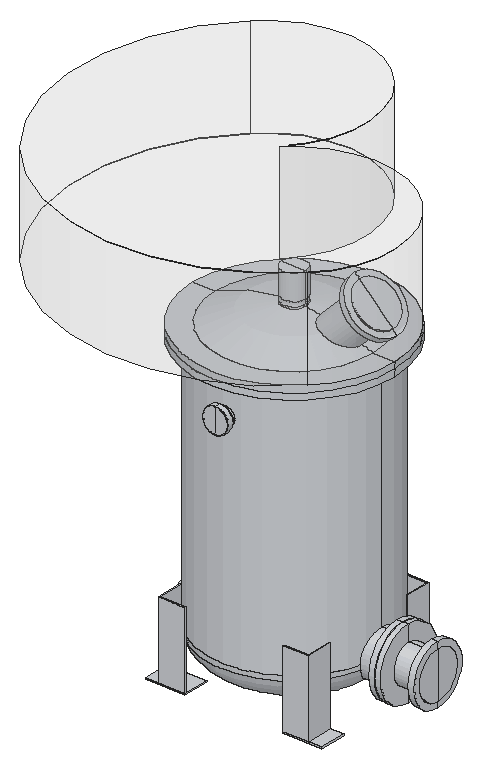
Revit family "Aquarevival_BSG40T", category Mechanical Equipment, Revit 2018
Family settings
  Round Connector Dimension = Use Diameter
  Part Type = Normal
  OmniClass Number = 23.75.00.00
  OmniClass Title = Climate Control (HVAC)
  Work Plane-Based = No
  Always vertical = Yes
  Cut with Voids When Loaded = No
  Shared = No
  Room Calculation Point = No
Parameters
  Panel Location (0-4) [instance] = 0
  Panel 4 [instance] = [Panel Location (0-4)] = 4  # no
  Panel 3 [instance] = [Panel Location (0-4)] = 3  # no
  Panel 2 [instance] = [Panel Location (0-4)] = 2  # no
  Panel 1 [instance] = not(or([Panel Location (0-4)] = 2, [Panel Location (0-4)] = 3, [Panel Location (0-4)] = 4, [Panel Location (0-4)] = 0))  # no
  Outlet = 0' - 8"
  Model = "BSG40T"
  Manufacturer = "Aqua Revival LLC"
  Keynote = ""
  Inlet = 0' - 8"
  Filter Discharge Rotation [instance] = 0.00°
  Filter Clearance Rotation [instance] = 0.00°
  Drain = 0' - 6"
  Description = "Regenerative Media Filter"
Reference planes (in)
  plane 1 "Center (Front/Back)": y = 0
  plane 2: z = 0
  plane 3 "Center (Left/Right)": x = 0
  plane 4: x = -10
  plane 5: x = -20.04939
  plane 6: y = -17.04402
Forms (in)
  Revolve 1, solid
    sketch origin (-9.98793, 0, 1.53002) x (1, 0, 0) y (0, 0, 1)
      loop
        line (-14.12767, 5.39286) -> (2.50798, 5.39286) -> (2.50798, 8.70536) -> (-13.12766, 8.70536) -> (-13.12766, 10.89286) -> (-14.12767, 10.89286) -> (-14.12767, 5.39286)
      axis (-14.12767, 5.39286) -> (2.50798, 5.39286)
    angle from 0 to 360
  Extrusion 2, solid
    sketch origin (-9.98793, 0, 1.53002) x (0, 1, 0) y (0, 0, 1)
      loop
        circle (0, 5.39286) r 3.25
    from -14.26766 to -14.12767
  Revolve 3, solid
    sketch origin (0, -62.99083, 16.41379) x (0, 1, 0) y (0, 0, 1)
      loop
        line (40.62187, 45.49946) -> (44.12187, 45.49946) -> (44.12187, 47.76786) -> (42.49057, 47.76786) -> (42.39687, 47.86156) -> (42.39687, 48.01786) -> (41.87187, 48.01786) -> (41.87187, 48.41208) -> (40.71557, 48.41208) -> (40.62187, 48.31823) -> (40.62187, 45.49946)
      axis (40.62187, 45.49946) -> (44.12187, 45.49946)
    angle from 0 to 360
  Extrusion 4, solid
    sketch origin (0, 0, 0) x (1, 0, 0) y (0, 1, 0)
      loop
        line (-20.04939, -17.04402) -> (-11.04939, -17.04402) -> (-11.04939, -11.04402) -> (-20.04939, -11.04402) -> (-20.04939, -17.04402)
      loop
        line (20.04939, -17.04402) -> (20.04939, -11.04402) -> (11.04939, -11.04402) -> (11.04939, -17.04402) -> (20.04939, -17.04402)
      loop
        line (-20.04939, 17.04402) -> (-20.04939, 11.04402) -> (-11.04939, 11.04402) -> (-11.04939, 17.04402) -> (-20.04939, 17.04402)
      loop
        line (20.04939, 17.04402) -> (11.04939, 17.04402) -> (11.04939, 11.04402) -> (20.04939, 11.04402) -> (20.04939, 17.04402)
    from 0 to 0.25
  Extrusion 5, solid
    sketch origin (0, 0, 0) x (1, 0, 0) y (0, 1, 0)
      loop
        line (-11.04939, -17.04402) -> (-11.04939, -16.79402) -> (-16.79939, -16.79402) -> (-16.79939, -11.04402) -> (-17.04939, -11.04402) -> (-17.04939, -17.04402) -> (-11.04939, -17.04402)
      loop
        line (11.04939, -17.04402) -> (17.04939, -17.04402) -> (17.04939, -11.04402) -> (16.79939, -11.04402) -> (16.79939, -16.79402) -> (11.04939, -16.79402) -> (11.04939, -17.04402)
      loop
        line (-11.04939, 17.04402) -> (-17.04939, 17.04402) -> (-17.04939, 11.04402) -> (-16.79939, 11.04402) -> (-16.79939, 16.79402) -> (-11.04939, 16.79402) -> (-11.04939, 17.04402)
      loop
        line (11.04939, 17.04402) -> (11.04939, 16.79402) -> (16.79939, 16.79402) -> (16.79939, 11.04402) -> (17.04939, 11.04402) -> (17.04939, 17.04402) -> (11.04939, 17.04402)
    from 0.25 to 17.75
  Extrusion 6, solid, visible <- "Panel 1"
    sketch origin (-2.52168, -7.33787, 14.94343) x (1, 0, 0) y (0, 1, 0)
      loop
        line (-26.32299, -12.86214) -> (-26.32299, -13.11014) -> (-27.35099, -13.11014) -> (-27.35099, -13.77514)
        arc (-27.35099, -13.77514) -> (-27.30413, -13.88828) -> (-27.19099, -13.93514) r 0.16
        line (-27.19099, -13.93514) -> (-11.87099, -13.93514)
        arc (-11.87099, -13.93514) -> (-11.76846, -13.89267) -> (-11.72599, -13.79014) r 0.145
        line (-11.72599, -13.79014) -> (-11.72599, -13.11014) -> (-12.65099, -13.11014) -> (-12.65099, -12.86215) -> (-11.62098, -12.86215)
        arc (-11.62098, -12.86215) -> (-11.51852, -12.81975) -> (-11.47597, -12.71735) r 0.14501
        line (-11.47597, -12.71735) -> (-11.47597, -7.00721)
        arc (-11.47597, -7.00721) -> (-11.51845, -6.90466) -> (-11.62101, -6.86218) r 0.14504
        line (-11.62101, -6.86218) -> (-27.331, -6.86218)
        arc (-27.331, -6.86218) -> (-27.43352, -6.90464) -> (-27.47598, -7.00716) r 0.14498
        line (-27.47598, -7.00716) -> (-27.47598, -12.71714)
        arc (-27.47598, -12.71714) -> (-27.43351, -12.81967) -> (-27.33099, -12.86214) r 0.145
        line (-27.33099, -12.86214) -> (-26.32299, -12.86214)
    from 35.1762 to 51.1012
  Extrusion 7, solid, visible <- "Panel 1"
    sketch origin (-2.52169, -7.33785, 14.94343) x (1, 0, 0) y (0, 1, 0)
      loop
        line (-27.47599, -6.86218) -> (-11.39599, -6.86218)
        arc (-11.39599, -6.86218) -> (-13.7725, -4.05696) -> (-15.59191, -0.86215) r 19.88322
        line (-15.59191, -0.86215) -> (-27.47599, -0.86215) -> (-27.47599, -6.86218)
    from 50.9012 to 51.1012
  Extrusion 8, solid, visible <- "Panel 1"
    sketch origin (-2.52169, -7.33785, 14.94343) x (0, 1, 0) y (0, 0, 1)
      loop
        line (-6.86218, 50.9012) -> (-6.86218, 49.53074) -> (-6.61218, 49.53074) -> (-6.61218, 50.9012) -> (-6.86218, 50.9012)
    from -27.47599 to -11.47597
  Extrusion 9, solid, visible <- "Panel 1"
    sketch origin (-2.52169, -7.33785, 101.22083) x (0, -1, 0) y (-1, 0, 0)
      loop
        line (6.86218, 11.39599) -> (6.86218, 27.47599) -> (0.86215, 27.47599) -> (0.86215, 15.59191)
        arc (0.86215, 15.59191) -> (4.05696, 13.7725) -> (6.86218, 11.39599) r 19.88322
    from 50.9012 to 51.1012
  Extrusion 10, solid, visible <- "Panel 1"
    sketch origin (-2.52169, -7.33785, 101.22083) x (0, 1, 0) y (0, 0, 1)
      loop
        line (-6.86218, -50.9012) -> (-6.61218, -50.9012) -> (-6.61218, -49.53074) -> (-6.86218, -49.53074) -> (-6.86218, -50.9012)
    from -27.47599 to -11.47597
  Revolve 11, solid, visible <- "Panel 1"
    sketch origin (-21.99766, -68.87887, 14.94343) x (0, -1, 0) y (0, 0, 1)
      loop
        line (-45.98085, 39.52627) -> (-45.98085, 40.27627)
        arc (-45.98085, 40.27627) -> (-46.1273, 40.62983) -> (-46.48085, 40.77627) r 0.5
        line (-46.48085, 40.77627) -> (-46.60585, 40.77627) -> (-46.60585, 40.02627) -> (-47.35585, 40.02627) -> (-47.35585, 40.10855) -> (-47.60585, 40.10855) -> (-47.60585, 39.52627) -> (-45.98085, 39.52627)
      axis (-47.60585, 39.52627) -> (-45.98085, 39.52627)
    angle from 0 to 360
  Revolve 12, solid
    sketch origin (5.82327, 0, 1.58801) x (1, 0, 0) y (0, 0, 1)
      loop
        line (17.62219, 15.70024) -> (5.18163, 15.70024) -> (5.18163, 10.32524) -> (26.96418, 10.32524) -> (26.96418, 15.63774) -> (26.81618, 15.63774) -> (26.81618, 17.07524) -> (25.44118, 17.07524) -> (25.44118, 14.63774) -> (20.19719, 14.63774) -> (20.19719, 18.32524) -> (18.97005, 18.32524) -> (18.97005, 18.19644) -> (18.84719, 18.19644) -> (18.84719, 18.32524) -> (17.62219, 18.32524) -> (17.62219, 15.70024)
      axis (5.18163, 10.32524) -> (26.96418, 10.32524)
    angle from 0 to 360
  Revolve 13, solid
    sketch origin (0, 0, 12) x (1, 0, 0) y (0, 0, 1)
      loop
        line (0, 71.63995) -> (-2.75, 71.63995) -> (-2.75, 65.8692)
        arc (-2.75, 65.8692) -> (-2.67781, 65.32786) -> (-2.75, 64.78652) r 2.06584
        line (-2.75, 64.78652) -> (-2.75, 64.45245) -> (-2.46875, 64.45245) -> (-2.46875, 64.37655)
        arc (-2.46875, 64.37655) -> (-10.42157, 63.07765) -> (-17.95538, 60.21825) r 40.1875
        line (-17.95538, 60.21825) -> (-23, 60.21825) -> (-23, 58.71825) -> (-22.75, 58.71825) -> (-22.75, 58.65575) -> (-23, 58.65575) -> (-23, 57.22) -> (-20, 57.22) -> (-20, -0.48126)
        arc (-20, -0.48126) -> (-19.97074, -1.11138) -> (-19.88322, -1.73608) r 6.8
        arc (-19.88322, -1.73608) -> (-18.57602, -4.44075) -> (-16.34755, -6.45518) r 7.83902
        arc (-16.34755, -6.45518) -> (-8.48367, -9.8857) -> (0, -11.16493) r 32.87889
        line (0, -11.16493) -> (0, 71.63995)
      axis (0, 71.63995) -> (0, -11.16493)
    angle from 0 to 360
  Extrusion 14, solid, visible <- "Panel 2"
    sketch origin (2.52168, -7.33787, 14.94343) x (-1, 0, 0) y (0, -1, 0)
      loop
        line (-26.32299, 12.86214) -> (-27.33099, 12.86214)
        arc (-27.33099, 12.86214) -> (-27.43351, 12.81967) -> (-27.47598, 12.71714) r 0.145
        line (-27.47598, 12.71714) -> (-27.47598, 7.00716)
        arc (-27.47598, 7.00716) -> (-27.43352, 6.90464) -> (-27.331, 6.86218) r 0.14498
        line (-27.331, 6.86218) -> (-11.62101, 6.86218)
        arc (-11.62101, 6.86218) -> (-11.51845, 6.90466) -> (-11.47597, 7.00721) r 0.14504
        line (-11.47597, 7.00721) -> (-11.47597, 12.71735)
        arc (-11.47597, 12.71735) -> (-11.51852, 12.81975) -> (-11.62098, 12.86215) r 0.14501
        line (-11.62098, 12.86215) -> (-12.65099, 12.86215) -> (-12.65099, 13.11014) -> (-11.72599, 13.11014) -> (-11.72599, 13.79014)
        arc (-11.72599, 13.79014) -> (-11.76846, 13.89267) -> (-11.87099, 13.93514) r 0.145
        line (-11.87099, 13.93514) -> (-27.19099, 13.93514)
        arc (-27.19099, 13.93514) -> (-27.30413, 13.88828) -> (-27.35099, 13.77514) r 0.16
        line (-27.35099, 13.77514) -> (-27.35099, 13.11014) -> (-26.32299, 13.11014) -> (-26.32299, 12.86214)
    from 35.1762 to 51.1012
  Extrusion 15, solid, visible <- "Panel 2"
    sketch origin (2.52169, -7.33785, 14.94343) x (-1, 0, 0) y (0, -1, 0)
      loop
        line (-27.47599, 6.86218) -> (-27.47599, 0.86215) -> (-15.59191, 0.86215)
        arc (-15.59191, 0.86215) -> (-13.7725, 4.05696) -> (-11.39599, 6.86218) r 19.88322
        line (-11.39599, 6.86218) -> (-27.47599, 6.86218)
    from 50.9012 to 51.1012
  Extrusion 16, solid, visible <- "Panel 2"
    sketch origin (2.52169, -7.33785, 14.94343) x (0, 1, 0) y (0, 0, -1)
      loop
        line (-6.86218, -50.9012) -> (-6.61218, -50.9012) -> (-6.61218, -49.53074) -> (-6.86218, -49.53074) -> (-6.86218, -50.9012)
    from -27.47599 to -11.47597
  Extrusion 17, solid, visible <- "Panel 2"
    sketch origin (2.52169, -7.33785, 101.22083) x (0, 1, 0) y (1, 0, 0)
      loop
        arc (-6.86218, 11.39599) -> (-4.05696, 13.7725) -> (-0.86215, 15.59191) r 19.88322
        line (-0.86215, 15.59191) -> (-0.86215, 27.47599) -> (-6.86218, 27.47599) -> (-6.86218, 11.39599)
    from 50.9012 to 51.1012
  Extrusion 18, solid, visible <- "Panel 2"
    sketch origin (2.52169, -7.33785, 101.22083) x (0, 1, 0) y (0, 0, -1)
      loop
        line (-6.86218, 50.9012) -> (-6.86218, 49.53074) -> (-6.61218, 49.53074) -> (-6.61218, 50.9012) -> (-6.86218, 50.9012)
    from -27.47599 to -11.47597
  Revolve 19, solid, visible <- "Panel 2"
    sketch origin (21.99766, -68.87887, 14.94343) x (0, -1, 0) y (0, 0, -1)
      loop
        line (-45.98085, -39.52627) -> (-47.60585, -39.52627) -> (-47.60585, -40.10855) -> (-47.35585, -40.10855) -> (-47.35585, -40.02627) -> (-46.60585, -40.02627) -> (-46.60585, -40.77627) -> (-46.48085, -40.77627)
        arc (-46.48085, -40.77627) -> (-46.1273, -40.62983) -> (-45.98085, -40.27627) r 0.5
        line (-45.98085, -40.27627) -> (-45.98085, -39.52627)
      axis (-47.60585, -39.52627) -> (-45.98085, -39.52627)
    angle from 0 to 360
  Extrusion 20, solid, visible <- "Panel 4"
    sketch origin (-2.52168, 7.33787, 14.94343) x (1, 0, 0) y (0, 1, 0)
      loop
        line (-26.32299, 12.86214) -> (-27.33099, 12.86214)
        arc (-27.33099, 12.86214) -> (-27.43351, 12.81967) -> (-27.47598, 12.71714) r 0.145
        line (-27.47598, 12.71714) -> (-27.47598, 7.00716)
        arc (-27.47598, 7.00716) -> (-27.43352, 6.90464) -> (-27.331, 6.86218) r 0.14498
        line (-27.331, 6.86218) -> (-11.62101, 6.86218)
        arc (-11.62101, 6.86218) -> (-11.51845, 6.90466) -> (-11.47597, 7.00721) r 0.14504
        line (-11.47597, 7.00721) -> (-11.47597, 12.71735)
        arc (-11.47597, 12.71735) -> (-11.51852, 12.81975) -> (-11.62098, 12.86215) r 0.14501
        line (-11.62098, 12.86215) -> (-12.65099, 12.86215) -> (-12.65099, 13.11014) -> (-11.72599, 13.11014) -> (-11.72599, 13.79014)
        arc (-11.72599, 13.79014) -> (-11.76846, 13.89267) -> (-11.87099, 13.93514) r 0.145
        line (-11.87099, 13.93514) -> (-27.19099, 13.93514)
        arc (-27.19099, 13.93514) -> (-27.30413, 13.88828) -> (-27.35099, 13.77514) r 0.16
        line (-27.35099, 13.77514) -> (-27.35099, 13.11014) -> (-26.32299, 13.11014) -> (-26.32299, 12.86214)
    from 35.1762 to 51.1012
  Extrusion 21, solid, visible <- "Panel 4"
    sketch origin (-2.52169, 7.33785, 14.94343) x (1, 0, 0) y (0, 1, 0)
      loop
        line (-27.47599, 6.86218) -> (-27.47599, 0.86215) -> (-15.59191, 0.86215)
        arc (-15.59191, 0.86215) -> (-13.7725, 4.05696) -> (-11.39599, 6.86218) r 19.88322
        line (-11.39599, 6.86218) -> (-27.47599, 6.86218)
    from 50.9012 to 51.1012
  Extrusion 22, solid, visible <- "Panel 4"
    sketch origin (-2.52169, 7.33785, 14.94343) x (0, -1, 0) y (0, 0, -1)
      loop
        line (-6.86218, -50.9012) -> (-6.61218, -50.9012) -> (-6.61218, -49.53074) -> (-6.86218, -49.53074) -> (-6.86218, -50.9012)
    from -27.47599 to -11.47597
  Extrusion 23, solid, visible <- "Panel 4"
    sketch origin (-2.52169, 7.33785, 101.22083) x (0, -1, 0) y (-1, 0, 0)
      loop
        arc (-6.86218, 11.39599) -> (-4.05696, 13.7725) -> (-0.86215, 15.59191) r 19.88322
        line (-0.86215, 15.59191) -> (-0.86215, 27.47599) -> (-6.86218, 27.47599) -> (-6.86218, 11.39599)
    from 50.9012 to 51.1012
  Extrusion 24, solid, visible <- "Panel 4"
    sketch origin (-2.52169, 7.33785, 101.22083) x (0, -1, 0) y (0, 0, -1)
      loop
        line (-6.86218, 50.9012) -> (-6.86218, 49.53074) -> (-6.61218, 49.53074) -> (-6.61218, 50.9012) -> (-6.86218, 50.9012)
    from -27.47599 to -11.47597
  Revolve 25, solid, visible <- "Panel 4"
    sketch origin (-21.99766, 68.87887, 14.94343) x (0, 1, 0) y (0, 0, -1)
      loop
        line (-45.98085, -39.52627) -> (-47.60585, -39.52627) -> (-47.60585, -40.10855) -> (-47.35585, -40.10855) -> (-47.35585, -40.02627) -> (-46.60585, -40.02627) -> (-46.60585, -40.77627) -> (-46.48085, -40.77627)
        arc (-46.48085, -40.77627) -> (-46.1273, -40.62983) -> (-45.98085, -40.27627) r 0.5
        line (-45.98085, -40.27627) -> (-45.98085, -39.52627)
      axis (-47.60585, -39.52627) -> (-45.98085, -39.52627)
    angle from 0 to 360
  Extrusion 26, solid, visible <- "Panel 3"
    sketch origin (2.52168, 7.33787, 14.94343) x (-1, 0, 0) y (0, -1, 0)
      loop
        line (-26.32299, -12.86214) -> (-26.32299, -13.11014) -> (-27.35099, -13.11014) -> (-27.35099, -13.77514)
        arc (-27.35099, -13.77514) -> (-27.30413, -13.88828) -> (-27.19099, -13.93514) r 0.16
        line (-27.19099, -13.93514) -> (-11.87099, -13.93514)
        arc (-11.87099, -13.93514) -> (-11.76846, -13.89267) -> (-11.72599, -13.79014) r 0.145
        line (-11.72599, -13.79014) -> (-11.72599, -13.11014) -> (-12.65099, -13.11014) -> (-12.65099, -12.86215) -> (-11.62098, -12.86215)
        arc (-11.62098, -12.86215) -> (-11.51852, -12.81975) -> (-11.47597, -12.71735) r 0.14501
        line (-11.47597, -12.71735) -> (-11.47597, -7.00721)
        arc (-11.47597, -7.00721) -> (-11.51845, -6.90466) -> (-11.62101, -6.86218) r 0.14504
        line (-11.62101, -6.86218) -> (-27.331, -6.86218)
        arc (-27.331, -6.86218) -> (-27.43352, -6.90464) -> (-27.47598, -7.00716) r 0.14498
        line (-27.47598, -7.00716) -> (-27.47598, -12.71714)
        arc (-27.47598, -12.71714) -> (-27.43351, -12.81967) -> (-27.33099, -12.86214) r 0.145
        line (-27.33099, -12.86214) -> (-26.32299, -12.86214)
    from 35.1762 to 51.1012
  Extrusion 27, solid, visible <- "Panel 3"
    sketch origin (2.52169, 7.33785, 14.94343) x (-1, 0, 0) y (0, -1, 0)
      loop
        line (-27.47599, -6.86218) -> (-11.39599, -6.86218)
        arc (-11.39599, -6.86218) -> (-13.7725, -4.05696) -> (-15.59191, -0.86215) r 19.88322
        line (-15.59191, -0.86215) -> (-27.47599, -0.86215) -> (-27.47599, -6.86218)
    from 50.9012 to 51.1012
  Extrusion 28, solid, visible <- "Panel 3"
    sketch origin (2.52169, 7.33785, 14.94343) x (0, -1, 0) y (0, 0, 1)
      loop
        line (-6.86218, 50.9012) -> (-6.86218, 49.53074) -> (-6.61218, 49.53074) -> (-6.61218, 50.9012) -> (-6.86218, 50.9012)
    from -27.47599 to -11.47597
  Extrusion 29, solid, visible <- "Panel 3"
    sketch origin (2.52169, 7.33785, 101.22083) x (0, 1, 0) y (1, 0, 0)
      loop
        line (6.86218, 11.39599) -> (6.86218, 27.47599) -> (0.86215, 27.47599) -> (0.86215, 15.59191)
        arc (0.86215, 15.59191) -> (4.05696, 13.7725) -> (6.86218, 11.39599) r 19.88322
    from 50.9012 to 51.1012
  Extrusion 30, solid, visible <- "Panel 3"
    sketch origin (2.52169, 7.33785, 101.22083) x (0, -1, 0) y (0, 0, 1)
      loop
        line (-6.86218, -50.9012) -> (-6.61218, -50.9012) -> (-6.61218, -49.53074) -> (-6.86218, -49.53074) -> (-6.86218, -50.9012)
    from -27.47599 to -11.47597
  Revolve 31, solid, visible <- "Panel 3"
    sketch origin (21.99766, 68.87887, 14.94343) x (0, 1, 0) y (0, 0, 1)
      loop
        line (-45.98085, 39.52627) -> (-45.98085, 40.27627)
        arc (-45.98085, 40.27627) -> (-46.1273, 40.62983) -> (-46.48085, 40.77627) r 0.5
        line (-46.48085, 40.77627) -> (-46.60585, 40.77627) -> (-46.60585, 40.02627) -> (-47.35585, 40.02627) -> (-47.35585, 40.10855) -> (-47.60585, 40.10855) -> (-47.60585, 39.52627) -> (-45.98085, 39.52627)
      axis (-47.60585, 39.52627) -> (-45.98085, 39.52627)
    angle from 0 to 360
Cuts and joins
  joined: Revolve 1, Revolve 3, Extrusion 5
Lines and regions (in)
  reference lines
    curve 1: line (0, 0, 0) -> (19, 0, 0)
    curve 2: line (0, 0, 0) -> (0, 19, 0)
  model lines, visible <- "Panel 1"
    curve 3: line (-26.62607, -21.27301, 63.40203) -> (-18.24781, -21.27301, 63.40203)
    curve 4: line (-26.62607, -21.27301, 57.68477) -> (-26.62607, -21.27301, 63.40203)
    curve 5: line (-18.24781, -21.27301, 57.68477) -> (-26.62607, -21.27301, 57.68477)
    curve 6: line (-18.24781, -21.27301, 63.40203) -> (-18.24781, -21.27301, 57.68477)
    curve 7: line (-19.34639, -21.27301, 58.79143) -> (-25.52749, -21.27301, 58.79143)
    curve 8: line (-19.34639, -21.27301, 62.29537) -> (-19.34639, -21.27301, 58.79143)
    curve 9: line (-25.52749, -21.27301, 62.29537) -> (-19.34639, -21.27301, 62.29537)
    curve 10: line (-25.52749, -21.27301, 58.79143) -> (-25.52749, -21.27301, 62.29537)
    curve 11: arc (-16.49997, -21.27301, 58.59352) -> (-17.05115, -21.27301, 58.04233) -> (-16.49997, -21.27301, 57.49115) r 0.55118
    curve 12: arc (-16.49997, -21.27301, 57.49115) -> (-15.94879, -21.27301, 58.04233) -> (-16.49997, -21.27301, 58.59352) r 0.55118
    curve 13: arc (-16.49997, -21.27301, 57.60926) -> (-16.0669, -21.27301, 58.04233) -> (-16.49997, -21.27301, 58.4754) r 0.43307
    curve 14: arc (-16.49997, -21.27301, 58.4754) -> (-16.93304, -21.27301, 58.04233) -> (-16.49997, -21.27301, 57.60926) r 0.43307
    curve 15: arc (-16.49997, -21.27301, 58.37107) -> (-16.82871, -21.27301, 58.04233) -> (-16.49997, -21.27301, 57.71359) r 0.32874
    curve 16: arc (-16.49997, -21.27301, 57.71359) -> (-16.17123, -21.27301, 58.04233) -> (-16.49997, -21.27301, 58.37107) r 0.32874
    curve 17: line (-16.81007, -21.27301, 58.09745) -> (-16.18987, -21.27301, 58.09745)
    curve 18: line (-16.18987, -21.27301, 57.98722) -> (-16.81007, -21.27301, 57.98722)
  model lines
    curve 19: line (-19.21583, 0, 11.83507) -> (-19.21583, 0, 0.83507)
  model lines, visible <- "Panel 2"
    curve 20: line (26.62607, -21.27301, 63.40203) -> (18.24781, -21.27301, 63.40203)
    curve 21: line (26.62607, -21.27301, 57.68477) -> (26.62607, -21.27301, 63.40203)
    curve 22: line (18.24781, -21.27301, 57.68477) -> (26.62607, -21.27301, 57.68477)
    curve 23: line (18.24781, -21.27301, 63.40203) -> (18.24781, -21.27301, 57.68477)
    curve 24: line (19.34639, -21.27301, 58.79143) -> (25.52749, -21.27301, 58.79143)
    curve 25: line (19.34639, -21.27301, 62.29537) -> (19.34639, -21.27301, 58.79143)
    curve 26: line (25.52749, -21.27301, 62.29537) -> (19.34639, -21.27301, 62.29537)
    curve 27: line (25.52749, -21.27301, 58.79143) -> (25.52749, -21.27301, 62.29537)
    curve 28: arc (16.49997, -21.27301, 58.59352) -> (17.05115, -21.27301, 58.04233) -> (16.49997, -21.27301, 57.49115) r 0.55118
    curve 29: arc (16.49997, -21.27301, 57.49115) -> (15.94879, -21.27301, 58.04233) -> (16.49997, -21.27301, 58.59352) r 0.55118
    curve 30: arc (16.49997, -21.27301, 57.60926) -> (16.0669, -21.27301, 58.04233) -> (16.49997, -21.27301, 58.4754) r 0.43307
    curve 31: arc (16.49997, -21.27301, 58.4754) -> (16.93304, -21.27301, 58.04233) -> (16.49997, -21.27301, 57.60926) r 0.43307
    curve 32: arc (16.49997, -21.27301, 58.37107) -> (16.82871, -21.27301, 58.04233) -> (16.49997, -21.27301, 57.71359) r 0.32874
    curve 33: arc (16.49997, -21.27301, 57.71359) -> (16.17123, -21.27301, 58.04233) -> (16.49997, -21.27301, 58.37107) r 0.32874
    curve 34: line (16.81007, -21.27301, 58.09745) -> (16.18987, -21.27301, 58.09745)
    curve 35: line (16.18987, -21.27301, 57.98722) -> (16.81007, -21.27301, 57.98722)
  model lines, visible <- "Panel 4"
    curve 36: line (-26.62607, 21.27301, 63.40203) -> (-18.24781, 21.27301, 63.40203)
    curve 37: line (-26.62607, 21.27301, 57.68477) -> (-26.62607, 21.27301, 63.40203)
    curve 38: line (-18.24781, 21.27301, 57.68477) -> (-26.62607, 21.27301, 57.68477)
    curve 39: line (-18.24781, 21.27301, 63.40203) -> (-18.24781, 21.27301, 57.68477)
    curve 40: line (-19.34639, 21.27301, 58.79143) -> (-25.52749, 21.27301, 58.79143)
    curve 41: line (-19.34639, 21.27301, 62.29537) -> (-19.34639, 21.27301, 58.79143)
    curve 42: line (-25.52749, 21.27301, 62.29537) -> (-19.34639, 21.27301, 62.29537)
    curve 43: line (-25.52749, 21.27301, 58.79143) -> (-25.52749, 21.27301, 62.29537)
    curve 44: arc (-16.49997, 21.27301, 58.59352) -> (-17.05115, 21.27301, 58.04233) -> (-16.49997, 21.27301, 57.49115) r 0.55118
    curve 45: arc (-16.49997, 21.27301, 57.49115) -> (-15.94879, 21.27301, 58.04233) -> (-16.49997, 21.27301, 58.59352) r 0.55118
    curve 46: arc (-16.49997, 21.27301, 57.60926) -> (-16.0669, 21.27301, 58.04233) -> (-16.49997, 21.27301, 58.4754) r 0.43307
    curve 47: arc (-16.49997, 21.27301, 58.4754) -> (-16.93304, 21.27301, 58.04233) -> (-16.49997, 21.27301, 57.60926) r 0.43307
    curve 48: arc (-16.49997, 21.27301, 58.37107) -> (-16.82871, 21.27301, 58.04233) -> (-16.49997, 21.27301, 57.71359) r 0.32874
    curve 49: arc (-16.49997, 21.27301, 57.71359) -> (-16.17123, 21.27301, 58.04233) -> (-16.49997, 21.27301, 58.37107) r 0.32874
    curve 50: line (-16.81007, 21.27301, 58.09745) -> (-16.18987, 21.27301, 58.09745)
    curve 51: line (-16.18987, 21.27301, 57.98722) -> (-16.81007, 21.27301, 57.98722)
  model lines, visible <- "Panel 3"
    curve 52: line (26.62607, 21.27301, 63.40203) -> (18.24781, 21.27301, 63.40203)
    curve 53: line (26.62607, 21.27301, 57.68477) -> (26.62607, 21.27301, 63.40203)
    curve 54: line (18.24781, 21.27301, 57.68477) -> (26.62607, 21.27301, 57.68477)
    curve 55: line (18.24781, 21.27301, 63.40203) -> (18.24781, 21.27301, 57.68477)
    curve 56: line (19.34639, 21.27301, 58.79143) -> (25.52749, 21.27301, 58.79143)
    curve 57: line (19.34639, 21.27301, 62.29537) -> (19.34639, 21.27301, 58.79143)
    curve 58: line (25.52749, 21.27301, 62.29537) -> (19.34639, 21.27301, 62.29537)
    curve 59: line (25.52749, 21.27301, 58.79143) -> (25.52749, 21.27301, 62.29537)
    curve 60: arc (16.49997, 21.27301, 58.59352) -> (17.05115, 21.27301, 58.04233) -> (16.49997, 21.27301, 57.49115) r 0.55118
    curve 61: arc (16.49997, 21.27301, 57.49115) -> (15.94879, 21.27301, 58.04233) -> (16.49997, 21.27301, 58.59352) r 0.55118
    curve 62: arc (16.49997, 21.27301, 57.60926) -> (16.0669, 21.27301, 58.04233) -> (16.49997, 21.27301, 58.4754) r 0.43307
    curve 63: arc (16.49997, 21.27301, 58.4754) -> (16.93304, 21.27301, 58.04233) -> (16.49997, 21.27301, 57.60926) r 0.43307
    curve 64: arc (16.49997, 21.27301, 58.37107) -> (16.82871, 21.27301, 58.04233) -> (16.49997, 21.27301, 57.71359) r 0.32874
    curve 65: arc (16.49997, 21.27301, 57.71359) -> (16.17123, 21.27301, 58.04233) -> (16.49997, 21.27301, 58.37107) r 0.32874
    curve 66: line (16.81007, 21.27301, 58.09745) -> (16.18987, 21.27301, 58.09745)
    curve 67: line (16.18987, 21.27301, 57.98722) -> (16.81007, 21.27301, 57.98722)
Dimensions and locks (in)
  "Filter Discharge Rotation": angle plane 1 "Center (Front/Back)" to curve 1
  "Filter Clearance Rotation": angle curve 2 to plane 3 "Center (Left/Right)"
  aligned and locked: level to plane 2
  aligned and locked: plane 3 "Center (Left/Right)" to curve 2
  aligned and locked: plane 1 "Center (Front/Back)" to curve 2
Automatic sketch dimensions
  level to curve 19 = 0' - 0.83507"
  plane 4 to curve 19 = 0' - 9.21583"
  curve 19 to curve 19 = 0' - 11"
  plane 4 to Revolve 1 sketch curve = 1' - 2.1156"
  Revolve 1 sketch curve to Revolve 1 sketch curve = 0' - 1"
  Revolve 1 sketch curve to plane 4 = 0' - 2.52005"
  level to Revolve 1 sketch curve = 0' - 6.92288"
  Revolve 1 sketch curve to Revolve 1 sketch curve = 0' - 3 5/16"
  Revolve 1 sketch curve to Revolve 1 sketch curve = 0' - 2 3/16"
  Revolve 1 sketch curve to Revolve 1 sketch curve = 0' - 4 1/2"
  Revolve 1 sketch curve to Revolve 1 sketch curve = 0' - 2 1/4"
  Revolve 1 sketch curve to Revolve 1 sketch curve = 0' - 0"
  Extrusion 2 sketch curve to plane 1 "Center (Front/Back)" = 0' - 0"
  level to Extrusion 2 sketch curve = 0' - 6.92288"
  plane 1 "Center (Front/Back)" to Revolve 3 sketch curve = 1' - 10.36896"
  Revolve 3 sketch curve to Revolve 3 sketch curve = 0' - 0.0937"  (x4)
  Revolve 3 sketch curve to Revolve 3 sketch curve = 0' - 1.1563"
  Revolve 3 sketch curve to Revolve 3 sketch curve = 0' - 0.525"
  Revolve 3 sketch curve to Revolve 3 sketch curve = 0' - 1.6313"
  level to Revolve 3 sketch curve = 5' - 1.91325"
  Revolve 3 sketch curve to Revolve 3 sketch curve = 0' - 2.26839"
  Revolve 3 sketch curve to Revolve 3 sketch curve = 0' - 0.1563"
  Revolve 3 sketch curve to Revolve 3 sketch curve = 0' - 0.30037"
  Revolve 3 sketch curve to Revolve 3 sketch curve = 0' - 0.09385"
  Revolve 3 sketch curve to Revolve 3 sketch curve = 0' - 1"
  Revolve 3 sketch curve to Revolve 3 sketch curve = 0' - 0"
  plane 4 to Extrusion 6 sketch curve = 1' - 7.99767"
  Extrusion 6 sketch curve to Extrusion 6 sketch curve = 0' - 0 1/8"
  Extrusion 6 sketch curve to Extrusion 6 sketch curve = 0' - 0.14498"
  Extrusion 6 sketch curve to Extrusion 6 sketch curve = 0' - 0.145"  (x2)
  Extrusion 6 sketch curve to Extrusion 6 sketch curve = 0' - 0.16"
  Extrusion 6 sketch curve to Extrusion 6 sketch curve = 0' - 1.028"
  plane 4 to Extrusion 6 sketch curve = 0' - 5.17267"
  Extrusion 6 sketch curve to Extrusion 6 sketch curve = 0' - 0.78"
  plane 4 to Extrusion 6 sketch curve = 0' - 4.14269"
  Extrusion 6 sketch curve to Extrusion 6 sketch curve = 0' - 0.10501"
  Extrusion 6 sketch curve to Extrusion 6 sketch curve = 0' - 0.14501"
  plane 1 "Center (Front/Back)" to Extrusion 6 sketch curve = 1' - 9.27301"
  Extrusion 6 sketch curve to Extrusion 6 sketch curve = 0' - 0.665"
  Extrusion 6 sketch curve to Extrusion 6 sketch curve = 0' - 0.68"
  Extrusion 6 sketch curve to Extrusion 6 sketch curve = 0' - 0.24799"
  Extrusion 6 sketch curve to Extrusion 6 sketch curve = 0' - 0.248"
  Extrusion 6 sketch curve to Extrusion 6 sketch curve = 0' - 0.14479"
  Extrusion 6 sketch curve to Extrusion 6 sketch curve = 0' - 5.70992"
  plane 1 "Center (Front/Back)" to Extrusion 7 sketch curve = 0' - 0"
  Extrusion 7 sketch curve to plane 3 "Center (Left/Right)" = 0' - 0"
  plane 4 to Extrusion 7 sketch curve = 0' - 3.91767"
  Extrusion 7 sketch curve to Extrusion 7 sketch curve = 0' - 4.19592"
  Extrusion 7 sketch curve to Extrusion 7 sketch curve = 0' - 11.88408"
  plane 1 "Center (Front/Back)" to Extrusion 7 sketch curve = 0' - 8.2"
  plane 1 "Center (Front/Back)" to Extrusion 8 sketch curve = 1' - 2.20003"
  Extrusion 8 sketch curve to Extrusion 8 sketch curve = 0' - 0 1/4"
  level to Extrusion 8 sketch curve = 5' - 4.47418"
  Extrusion 8 sketch curve to Extrusion 8 sketch curve = 0' - 1.37046"
  plane 1 "Center (Front/Back)" to Extrusion 9 sketch curve = 0' - 0"
  Extrusion 9 sketch curve to plane 3 "Center (Left/Right)" = 0' - 0"
  plane 1 "Center (Front/Back)" to Extrusion 9 sketch curve = 0' - 8.2"
  Extrusion 9 sketch curve to Extrusion 9 sketch curve = 0' - 6.00003"
  plane 4 to Extrusion 9 sketch curve = 0' - 3.91767"
  Extrusion 9 sketch curve to Extrusion 9 sketch curve = 0' - 11.88408"
  Extrusion 10 sketch curve to plane 1 "Center (Front/Back)" = 1' - 2.20003"
  Extrusion 10 sketch curve to Extrusion 10 sketch curve = 0' - 0 1/4"
  Extrusion 10 sketch curve to level = 4' - 3.69009"
  Extrusion 10 sketch curve to Extrusion 10 sketch curve = 0' - 1.37046"
  plane 1 "Center (Front/Back)" to Revolve 11 sketch curve = 1' - 9.27303"
  Revolve 11 sketch curve to Revolve 11 sketch curve = 0' - 0 1/4"  (x2)
  Revolve 11 sketch curve to Revolve 11 sketch curve = 0' - 0 3/4"
  Revolve 11 sketch curve to Revolve 11 sketch curve = 0' - 0 1/8"
  Revolve 11 sketch curve to Revolve 11 sketch curve = 0' - 0 5/8"
  level to Revolve 11 sketch curve = 4' - 6.46971"
  Revolve 11 sketch curve to Revolve 11 sketch curve = 0' - 0 1/2"  (x2)
  Revolve 11 sketch curve to Revolve 11 sketch curve = 0' - 0.08228"
  Revolve 11 sketch curve to Revolve 11 sketch curve = 0' - 0.57774"
  Revolve 11 sketch curve to Revolve 11 sketch curve = 0' - 0"  (x4)
  Revolve 11 sketch curve to Revolve 11 sketch curve = 0' - 0.35941"
  curve 11 to curve 12 = 0' - 0"  (x2)
  curve 11 to curve 13 = 0' - 0"  (x2)
  curve 11 to curve 14 = 0' - 0"  (x2)
  curve 11 to curve 15 = 0' - 0"  (x2)
  curve 11 to curve 16 = 0' - 0"  (x2)
  curve 12 to curve 13 = 0' - 0"  (x2)
  curve 12 to curve 14 = 0' - 0"  (x2)
  curve 12 to curve 15 = 0' - 0"  (x2)
  curve 12 to curve 16 = 0' - 0"  (x2)
  curve 13 to curve 14 = 0' - 0"  (x2)
  curve 13 to curve 15 = 0' - 0"  (x2)
  curve 13 to curve 16 = 0' - 0"  (x2)
  curve 14 to curve 15 = 0' - 0"  (x2)
  curve 14 to curve 16 = 0' - 0"  (x2)
  curve 15 to curve 16 = 0' - 0"  (x2)
  Extrusion 6 to curve 5 = 0' - 3.08661"
  curve 3 to curve 9 = 0' - 1.09858"
  curve 9 to Extrusion 6 = 0' - 4.95372"
  curve 7 to curve 5 = 0' - 1.09858"
  curve 5 to curve 13 = 0' - 1.74784"
  Extrusion 6 to curve 5 = 0' - 7.56514"
  curve 5 to curve 13 = 0' - 0.35756"
  curve 5 to curve 7 = 0' - 1.10666"
  curve 7 to curve 10 = 0' - 3.50394"
  curve 9 to curve 4 = 0' - 1.10666"
  curve 17 to curve 11 = 0' - 0.3101"
  curve 17 to curve 18 = 0' - 0"  (x2)
  curve 13 to curve 18 = 0' - 0.3101"
  curve 13 to curve 11 = 0' - 0.43307"
  curve 12 to curve 13 = 0' - 0.11811"
  curve 13 to curve 16 = 0' - 0.10433"
  curve 18 to curve 11 = 0' - 0.05512"
  curve 18 to curve 17 = 0' - 0.11024"
  plane 3 "Center (Left/Right)" to Revolve 12 sketch curve = 0' - 11.0049"
  Revolve 12 sketch curve to Revolve 12 sketch curve = 1' - 0.44056"
  Revolve 12 sketch curve to Revolve 12 sketch curve = 0' - 1.225"
  Revolve 12 sketch curve to Revolve 12 sketch curve = 0' - 0.12285"
  Revolve 12 sketch curve to Revolve 12 sketch curve = 0' - 2.575"
  Revolve 12 sketch curve to Revolve 12 sketch curve = 0' - 5.24398"
  Revolve 12 sketch curve to Revolve 12 sketch curve = 0' - 1 3/8"
  Revolve 12 sketch curve to Revolve 12 sketch curve = 0' - 0.148"
  level to Revolve 12 sketch curve = 0' - 11.91325"
  Revolve 12 sketch curve to Revolve 12 sketch curve = 0' - 4 5/16"
  Revolve 12 sketch curve to Revolve 12 sketch curve = 0' - 1"
  Revolve 12 sketch curve to Revolve 12 sketch curve = 0' - 1 1/16"
  Revolve 12 sketch curve to Revolve 12 sketch curve = 0' - 1 7/16"
  Revolve 12 sketch curve to Revolve 12 sketch curve = 0' - 2.4962"
  Revolve 12 sketch curve to Revolve 12 sketch curve = 0' - 0.1288"
  Revolve 12 sketch curve to Revolve 12 sketch curve = 0' - 0"
  Revolve 12 sketch curve to Revolve 12 sketch curve = 0' - 3.15802"
  Revolve 12 sketch curve to Revolve 12 sketch curve = 0' - 4"
  Revolve 12 sketch curve to Revolve 12 sketch curve = 0' - 5 3/8"
  Revolve 13 sketch curve to plane 3 "Center (Left/Right)" = 0' - 0"  (x3)
  Revolve 13 sketch curve to plane 3 "Center (Left/Right)" = 0' - 2 15/32"
  Revolve 13 sketch curve to Revolve 13 sketch curve = 0' - 0 9/32"
  Revolve 13 sketch curve to Revolve 13 sketch curve = 0' - 2 3/4"  (x2)
  Revolve 13 sketch curve to Revolve 13 sketch curve = 0' - 1.99365"
  plane 4 to Revolve 13 sketch curve = 0' - 2.30247"
  Revolve 13 sketch curve to Revolve 13 sketch curve = 0' - 0.89753"
  plane 4 to Revolve 13 sketch curve = 0' - 7.95538"
  Revolve 13 sketch curve to Revolve 13 sketch curve = 0' - 2.04462"
  Revolve 13 sketch curve to Revolve 13 sketch curve = 0' - 0 1/4"
  Revolve 13 sketch curve to Revolve 13 sketch curve = 0' - 0"  (x3)
  plane 3 "Center (Left/Right)" to Revolve 13 sketch curve = 0' - 0.61855"
  level to Revolve 13 sketch curve = 0' - 0.83507"
  level to Revolve 13 sketch curve = 0' - 11.51874"
  Revolve 13 sketch curve to Revolve 13 sketch curve = 0' - 0.74081"
  Revolve 13 sketch curve to Revolve 13 sketch curve = 2' - 0.0054"
  Revolve 13 sketch curve to Revolve 13 sketch curve = 0' - 2.55681"
  Revolve 13 sketch curve to Revolve 13 sketch curve = 2' - 11.51185"
  Revolve 13 sketch curve to Revolve 13 sketch curve = 0' - 1.43575"
  Revolve 13 sketch curve to Revolve 13 sketch curve = 0' - 0 1/16"
  Revolve 13 sketch curve to Revolve 13 sketch curve = 0' - 1 1/2"
  Revolve 13 sketch curve to Revolve 13 sketch curve = 0' - 0.0759"
  Revolve 13 sketch curve to Revolve 13 sketch curve = 0' - 0.33407"
  Revolve 13 sketch curve to Revolve 13 sketch curve = 0' - 0.54134"
  Revolve 13 sketch curve to Revolve 13 sketch curve = 0' - 5.77075"
  Revolve 13 sketch curve to Revolve 13 sketch curve = 0' - 0.11678"
  Revolve 13 sketch curve to Revolve 13 sketch curve = 1' - 1.74431"
  Revolve 13 sketch curve to Revolve 13 sketch curve = 0' - 5"
  plane 1 "Center (Front/Back)" to Extrusion 14 sketch curve = 1' - 2.34503"
  plane 3 "Center (Left/Right)" to Extrusion 14 sketch curve = 2' - 5.99767"
  Extrusion 14 sketch curve to Extrusion 14 sketch curve = 0' - 0 1/8"
  Extrusion 14 sketch curve to Extrusion 14 sketch curve = 0' - 0.14498"
  Extrusion 14 sketch curve to Extrusion 14 sketch curve = 0' - 0.145"  (x2)
  Extrusion 14 sketch curve to Extrusion 14 sketch curve = 0' - 0.16"
  Extrusion 14 sketch curve to Extrusion 14 sketch curve = 0' - 1.028"
  Extrusion 14 sketch curve to Extrusion 14 sketch curve = 1' - 1.672"
  Extrusion 14 sketch curve to Extrusion 14 sketch curve = 0' - 0.78"
  Extrusion 14 sketch curve to Extrusion 14 sketch curve = 0' - 1.02998"
  Extrusion 14 sketch curve to Extrusion 14 sketch curve = 0' - 0.10501"
  Extrusion 14 sketch curve to Extrusion 14 sketch curve = 0' - 0.14501"
  Extrusion 14 sketch curve to Extrusion 14 sketch curve = 0' - 5.70992"
  Extrusion 14 sketch curve to Extrusion 14 sketch curve = 0' - 5.70998"
  Extrusion 14 sketch curve to Extrusion 14 sketch curve = 0' - 0.00021"
  Extrusion 14 sketch curve to Extrusion 14 sketch curve = 0' - 0.248"
  Extrusion 14 sketch curve to Extrusion 14 sketch curve = 0' - 0.24799"
  Extrusion 14 sketch curve to Extrusion 14 sketch curve = 0' - 0.665"
  plane 1 "Center (Front/Back)" to Extrusion 15 sketch curve = 0' - 0"
  Extrusion 15 sketch curve to plane 3 "Center (Left/Right)" = 0' - 0"
  plane 3 "Center (Left/Right)" to Extrusion 15 sketch curve = 1' - 1.91767"
  Extrusion 15 sketch curve to Extrusion 15 sketch curve = 0' - 4.19592"
  Extrusion 15 sketch curve to Extrusion 15 sketch curve = 0' - 11.88408"
  plane 1 "Center (Front/Back)" to Extrusion 15 sketch curve = 0' - 8.2"
  plane 1 "Center (Front/Back)" to Extrusion 16 sketch curve = 1' - 2.20003"
  Extrusion 16 sketch curve to Extrusion 16 sketch curve = 0' - 0 1/4"
  level to Extrusion 16 sketch curve = 5' - 5.84463"
  Extrusion 16 sketch curve to Extrusion 16 sketch curve = 0' - 1.37046"
  plane 1 "Center (Front/Back)" to Extrusion 17 sketch curve = 0' - 0"
  Extrusion 17 sketch curve to plane 3 "Center (Left/Right)" = 0' - 0"
  plane 1 "Center (Front/Back)" to Extrusion 17 sketch curve = 0' - 8.2"
  Extrusion 17 sketch curve to Extrusion 17 sketch curve = 0' - 6.00003"
  plane 3 "Center (Left/Right)" to Extrusion 17 sketch curve = 1' - 1.91767"
  Extrusion 17 sketch curve to Extrusion 17 sketch curve = 0' - 11.88408"
  plane 1 "Center (Front/Back)" to Extrusion 18 sketch curve = 1' - 2.20003"
  Extrusion 18 sketch curve to Extrusion 18 sketch curve = 0' - 0 1/4"
  level to Extrusion 18 sketch curve = 4' - 3.69009"
  Extrusion 18 sketch curve to Extrusion 18 sketch curve = 0' - 1.37046"
  plane 1 "Center (Front/Back)" to Revolve 19 sketch curve = 1' - 9.27303"
  Revolve 19 sketch curve to Revolve 19 sketch curve = 0' - 0 1/4"  (x2)
  Revolve 19 sketch curve to Revolve 19 sketch curve = 0' - 0 3/4"  (x2)
  Revolve 19 sketch curve to Revolve 19 sketch curve = 0' - 0 1/8"
  Revolve 19 sketch curve to Revolve 19 sketch curve = 0' - 0 5/8"
  level to Revolve 19 sketch curve = 4' - 7.71971"
  Revolve 19 sketch curve to Revolve 19 sketch curve = 0' - 0 1/2"
  Revolve 19 sketch curve to Revolve 19 sketch curve = 0' - 0.16772"
  Revolve 19 sketch curve to Revolve 19 sketch curve = 0' - 0.57774"
  Revolve 19 sketch curve to Revolve 19 sketch curve = 0' - 0"  (x4)
  Revolve 19 sketch curve to Revolve 19 sketch curve = 0' - 0.35941"
  curve 28 to curve 29 = 0' - 0"  (x2)
  curve 28 to curve 30 = 0' - 0"  (x2)
  curve 28 to curve 31 = 0' - 0"  (x2)
  curve 28 to curve 32 = 0' - 0"  (x2)
  curve 28 to curve 33 = 0' - 0"  (x2)
  curve 29 to curve 30 = 0' - 0"  (x2)
  curve 29 to curve 31 = 0' - 0"  (x2)
  curve 29 to curve 32 = 0' - 0"  (x2)
  curve 29 to curve 33 = 0' - 0"  (x2)
  curve 30 to curve 31 = 0' - 0"  (x2)
  curve 30 to curve 32 = 0' - 0"  (x2)
  curve 30 to curve 33 = 0' - 0"  (x2)
  curve 31 to curve 32 = 0' - 0"  (x2)
  curve 31 to curve 33 = 0' - 0"  (x2)
  curve 32 to curve 33 = 0' - 0"  (x2)
  Extrusion 14 to curve 22 = 0' - 3.08661"
  curve 20 to curve 26 = 0' - 1.09858"
  curve 26 to Extrusion 14 = 0' - 4.95372"
  curve 24 to curve 22 = 0' - 1.09858"
  curve 22 to curve 30 = 0' - 1.74784"
  Extrusion 14 to curve 20 = 0' - 2.6426"
  curve 20 to curve 26 = 0' - 1.10666"
  curve 26 to curve 24 = 0' - 3.50394"
  curve 24 to curve 32 = 0' - 0.7491"
  curve 24 to curve 23 = 0' - 1.10666"
  curve 34 to curve 28 = 0' - 0.3101"
  curve 34 to curve 35 = 0' - 0"  (x2)
  curve 30 to curve 35 = 0' - 0.3101"
  curve 28 to curve 28 = 0' - 0.55118"
  curve 28 to curve 31 = 0' - 0.11811"
  curve 30 to curve 32 = 0' - 0.10433"
  curve 34 to curve 28 = 0' - 0.05512"
  curve 34 to curve 35 = 0' - 0.11024"
  plane 4 to Extrusion 20 sketch curve = 1' - 7.99767"
  Extrusion 20 sketch curve to Extrusion 20 sketch curve = 0' - 0 1/8"
  Extrusion 20 sketch curve to Extrusion 20 sketch curve = 0' - 0.14498"
  Extrusion 20 sketch curve to Extrusion 20 sketch curve = 0' - 0.145"  (x2)
  Extrusion 20 sketch curve to Extrusion 20 sketch curve = 0' - 0.16"
  Extrusion 20 sketch curve to Extrusion 20 sketch curve = 0' - 1.028"
  plane 4 to Extrusion 20 sketch curve = 0' - 5.17267"
  Extrusion 20 sketch curve to Extrusion 20 sketch curve = 0' - 0.78"
  plane 4 to Extrusion 20 sketch curve = 0' - 4.14269"
  Extrusion 20 sketch curve to Extrusion 20 sketch curve = 0' - 0.10501"
  Extrusion 20 sketch curve to Extrusion 20 sketch curve = 0' - 0.14501"
  Extrusion 20 sketch curve to plane 1 "Center (Front/Back)" = 1' - 2.20004"
  Extrusion 20 sketch curve to Extrusion 20 sketch curve = 0' - 5.70992"
  Extrusion 20 sketch curve to Extrusion 20 sketch curve = 0' - 5.70998"
  Extrusion 20 sketch curve to Extrusion 20 sketch curve = 0' - 0.00021"
  Extrusion 20 sketch curve to Extrusion 20 sketch curve = 0' - 0.248"
  Extrusion 20 sketch curve to Extrusion 20 sketch curve = 0' - 0.24799"
  Extrusion 20 sketch curve to Extrusion 20 sketch curve = 0' - 0.665"
  plane 1 "Center (Front/Back)" to Extrusion 21 sketch curve = 0' - 0"
  Extrusion 21 sketch curve to plane 3 "Center (Left/Right)" = 0' - 0"
  plane 4 to Extrusion 21 sketch curve = 0' - 3.91767"
  Extrusion 21 sketch curve to Extrusion 21 sketch curve = 0' - 4.19592"
  Extrusion 21 sketch curve to Extrusion 21 sketch curve = 0' - 11.88408"
  Extrusion 21 sketch curve to plane 1 "Center (Front/Back)" = 0' - 8.2"
  Extrusion 22 sketch curve to plane 1 "Center (Front/Back)" = 1' - 2.20003"
  Extrusion 22 sketch curve to Extrusion 22 sketch curve = 0' - 0 1/4"
  level to Extrusion 22 sketch curve = 5' - 5.84463"
  Extrusion 22 sketch curve to Extrusion 22 sketch curve = 0' - 1.37046"
  plane 1 "Center (Front/Back)" to Extrusion 23 sketch curve = 0' - 0"
  Extrusion 23 sketch curve to plane 3 "Center (Left/Right)" = 0' - 0"
  Extrusion 23 sketch curve to plane 1 "Center (Front/Back)" = 0' - 8.2"
  Extrusion 23 sketch curve to Extrusion 23 sketch curve = 0' - 6.00003"
  plane 4 to Extrusion 23 sketch curve = 0' - 3.91767"
  Extrusion 23 sketch curve to Extrusion 23 sketch curve = 0' - 11.88408"
  Extrusion 24 sketch curve to plane 1 "Center (Front/Back)" = 1' - 2.20003"
  Extrusion 24 sketch curve to Extrusion 24 sketch curve = 0' - 0 1/4"
  level to Extrusion 24 sketch curve = 4' - 3.69009"
  Extrusion 24 sketch curve to Extrusion 24 sketch curve = 0' - 1.37046"
  Revolve 25 sketch curve to plane 1 "Center (Front/Back)" = 1' - 9.27303"
  Revolve 25 sketch curve to Revolve 25 sketch curve = 0' - 0 1/4"  (x2)
  Revolve 25 sketch curve to Revolve 25 sketch curve = 0' - 0 3/4"  (x2)
  Revolve 25 sketch curve to Revolve 25 sketch curve = 0' - 0 1/8"
  Revolve 25 sketch curve to Revolve 25 sketch curve = 0' - 0 5/8"
  level to Revolve 25 sketch curve = 4' - 7.71971"
  Revolve 25 sketch curve to Revolve 25 sketch curve = 0' - 0 1/2"
  Revolve 25 sketch curve to Revolve 25 sketch curve = 0' - 0.16772"
  Revolve 25 sketch curve to Revolve 25 sketch curve = 0' - 0.57774"
  Revolve 25 sketch curve to Revolve 25 sketch curve = 0' - 0"  (x4)
  Revolve 25 sketch curve to Revolve 25 sketch curve = 0' - 0.35941"
  curve 44 to curve 45 = 0' - 0"  (x2)
  curve 44 to curve 46 = 0' - 0"  (x2)
  curve 44 to curve 47 = 0' - 0"  (x2)
  curve 44 to curve 48 = 0' - 0"  (x2)
  curve 44 to curve 49 = 0' - 0"  (x2)
  curve 45 to curve 46 = 0' - 0"  (x2)
  curve 45 to curve 47 = 0' - 0"  (x2)
  curve 45 to curve 48 = 0' - 0"  (x2)
  curve 45 to curve 49 = 0' - 0"  (x2)
  curve 46 to curve 47 = 0' - 0"  (x2)
  curve 46 to curve 48 = 0' - 0"  (x2)
  curve 46 to curve 49 = 0' - 0"  (x2)
  curve 47 to curve 48 = 0' - 0"  (x2)
  curve 47 to curve 49 = 0' - 0"  (x2)
  curve 48 to curve 49 = 0' - 0"  (x2)
  Extrusion 20 to curve 38 = 0' - 3.08661"
  curve 36 to curve 42 = 0' - 1.09858"
  curve 42 to Extrusion 20 = 0' - 4.95372"
  curve 40 to curve 38 = 0' - 1.09858"
  curve 38 to curve 46 = 0' - 1.74784"
  Extrusion 20 to curve 36 = 0' - 2.6426"
  curve 36 to curve 42 = 0' - 1.10666"
  curve 42 to curve 40 = 0' - 3.50394"
  curve 40 to curve 48 = 0' - 0.7491"
  curve 40 to curve 39 = 0' - 1.10666"
  curve 50 to curve 44 = 0' - 0.3101"
  curve 51 to curve 50 = 0' - 0"  (x2)
  curve 46 to curve 51 = 0' - 0.3101"
  curve 44 to curve 44 = 0' - 0.55118"
  curve 44 to curve 47 = 0' - 0.11811"
  curve 46 to curve 48 = 0' - 0.10433"
  curve 50 to curve 44 = 0' - 0.05512"
  curve 50 to curve 51 = 0' - 0.11024"
  Extrusion 26 sketch curve to plane 1 "Center (Front/Back)" = 1' - 2.34503"
  plane 3 "Center (Left/Right)" to Extrusion 26 sketch curve = 2' - 5.99767"
  Extrusion 26 sketch curve to Extrusion 26 sketch curve = 0' - 0 1/8"
  Extrusion 26 sketch curve to Extrusion 26 sketch curve = 0' - 0.14498"
  Extrusion 26 sketch curve to Extrusion 26 sketch curve = 0' - 0.145"  (x2)
  Extrusion 26 sketch curve to Extrusion 26 sketch curve = 0' - 0.16"
  Extrusion 26 sketch curve to Extrusion 26 sketch curve = 0' - 1.028"
  Extrusion 26 sketch curve to Extrusion 26 sketch curve = 1' - 1.672"
  Extrusion 26 sketch curve to Extrusion 26 sketch curve = 0' - 0.78"
  Extrusion 26 sketch curve to Extrusion 26 sketch curve = 0' - 1.02998"
  Extrusion 26 sketch curve to Extrusion 26 sketch curve = 0' - 0.10501"
  Extrusion 26 sketch curve to Extrusion 26 sketch curve = 0' - 0.14501"
  Extrusion 26 sketch curve to Extrusion 26 sketch curve = 0' - 5.70992"
  Extrusion 26 sketch curve to Extrusion 26 sketch curve = 0' - 5.70998"
  Extrusion 26 sketch curve to Extrusion 26 sketch curve = 0' - 0.00021"
  Extrusion 26 sketch curve to Extrusion 26 sketch curve = 0' - 0.248"
  Extrusion 26 sketch curve to Extrusion 26 sketch curve = 0' - 0.24799"
  Extrusion 26 sketch curve to Extrusion 26 sketch curve = 0' - 0.665"
  plane 1 "Center (Front/Back)" to Extrusion 27 sketch curve = 0' - 0"
  Extrusion 27 sketch curve to plane 3 "Center (Left/Right)" = 0' - 0"
  plane 3 "Center (Left/Right)" to Extrusion 27 sketch curve = 1' - 1.91767"
  Extrusion 27 sketch curve to Extrusion 27 sketch curve = 0' - 4.19592"
  Extrusion 27 sketch curve to Extrusion 27 sketch curve = 0' - 11.88408"
  Extrusion 27 sketch curve to plane 1 "Center (Front/Back)" = 0' - 8.2"
  Extrusion 28 sketch curve to plane 1 "Center (Front/Back)" = 1' - 2.20003"
  Extrusion 28 sketch curve to Extrusion 28 sketch curve = 0' - 0 1/4"
  level to Extrusion 28 sketch curve = 5' - 4.47418"
  Extrusion 28 sketch curve to Extrusion 28 sketch curve = 0' - 1.37046"
  plane 1 "Center (Front/Back)" to Extrusion 29 sketch curve = 0' - 0"
  Extrusion 29 sketch curve to plane 3 "Center (Left/Right)" = 0' - 0"
  Extrusion 29 sketch curve to plane 1 "Center (Front/Back)" = 0' - 8.2"
  Extrusion 29 sketch curve to Extrusion 29 sketch curve = 0' - 6.00003"
  plane 3 "Center (Left/Right)" to Extrusion 29 sketch curve = 1' - 1.91767"
  Extrusion 29 sketch curve to Extrusion 29 sketch curve = 0' - 11.88408"
  Extrusion 30 sketch curve to plane 1 "Center (Front/Back)" = 1' - 2.20003"
  Extrusion 30 sketch curve to Extrusion 30 sketch curve = 0' - 0 1/4"
  level to Extrusion 30 sketch curve = 4' - 2.31963"
  Extrusion 30 sketch curve to Extrusion 30 sketch curve = 0' - 1.37046"
  Revolve 31 sketch curve to plane 1 "Center (Front/Back)" = 1' - 9.27303"
  Revolve 31 sketch curve to Revolve 31 sketch curve = 0' - 0 1/4"  (x2)
  Revolve 31 sketch curve to Revolve 31 sketch curve = 0' - 0 3/4"
  Revolve 31 sketch curve to Revolve 31 sketch curve = 0' - 0 1/8"
  Revolve 31 sketch curve to Revolve 31 sketch curve = 0' - 0 5/8"
  level to Revolve 31 sketch curve = 4' - 6.46971"
  Revolve 31 sketch curve to Revolve 31 sketch curve = 0' - 0 1/2"  (x2)
  Revolve 31 sketch curve to Revolve 31 sketch curve = 0' - 0.08228"
  Revolve 31 sketch curve to Revolve 31 sketch curve = 0' - 0.57774"
  Revolve 31 sketch curve to Revolve 31 sketch curve = 0' - 0"  (x4)
  Revolve 31 sketch curve to Revolve 31 sketch curve = 0' - 0.35941"
  curve 60 to curve 61 = 0' - 0"  (x2)
  curve 60 to curve 62 = 0' - 0"  (x2)
  curve 60 to curve 63 = 0' - 0"  (x2)
  curve 60 to curve 64 = 0' - 0"  (x2)
  curve 60 to curve 65 = 0' - 0"  (x2)
  curve 61 to curve 62 = 0' - 0"  (x2)
  curve 61 to curve 63 = 0' - 0"  (x2)
  curve 61 to curve 64 = 0' - 0"  (x2)
  curve 61 to curve 65 = 0' - 0"  (x2)
  curve 62 to curve 63 = 0' - 0"  (x2)
  curve 62 to curve 64 = 0' - 0"  (x2)
  curve 62 to curve 65 = 0' - 0"  (x2)
  curve 63 to curve 64 = 0' - 0"  (x2)
  curve 63 to curve 65 = 0' - 0"  (x2)
  curve 64 to curve 65 = 0' - 0"  (x2)
  Extrusion 26 to curve 54 = 0' - 3.08661"
  curve 52 to curve 58 = 0' - 1.09858"
  curve 58 to Extrusion 26 = 0' - 4.95372"
  curve 56 to curve 54 = 0' - 1.09858"
  curve 54 to curve 62 = 0' - 1.74784"
  Extrusion 26 to curve 54 = 0' - 7.56514"
  curve 54 to curve 62 = 0' - 0.35756"
  curve 54 to curve 56 = 0' - 1.10666"
  curve 56 to curve 59 = 0' - 3.50394"
  curve 58 to curve 53 = 0' - 1.10666"
  curve 66 to curve 60 = 0' - 0.3101"
  curve 67 to curve 66 = 0' - 0"  (x2)
  curve 62 to curve 67 = 0' - 0.3101"
  curve 62 to curve 60 = 0' - 0.43307"
  curve 61 to curve 62 = 0' - 0.11811"
  curve 62 to curve 65 = 0' - 0.10433"
  curve 67 to curve 60 = 0' - 0.05512"
  curve 67 to curve 66 = 0' - 0.11024"
  Extrusion 4 sketch curve to plane 5 = 0' - 0"  (x2)
  plane 6 to Extrusion 4 sketch curve = 0' - 0"  (x2)
  plane 4 to Extrusion 4 sketch curve = 0' - 1.04939"  (x2)
  plane 3 "Center (Left/Right)" to Extrusion 4 sketch curve = 0' - 11.04939"  (x2)
  Extrusion 4 sketch curve to Extrusion 4 sketch curve = 0' - 9"  (x2)
  Extrusion 4 sketch curve to plane 6 = 0' - 6"
  Extrusion 4 sketch curve to Extrusion 4 sketch curve = 0' - 6"  (x3)
  Extrusion 4 sketch curve to plane 1 "Center (Front/Back)" = 0' - 11.04402"  (x2)
  plane 4 to Extrusion 5 sketch curve = 0' - 7.04939"  (x2)
  Extrusion 5 sketch curve to Extrusion 5 sketch curve = 0' - 0 1/4"  (x8)
  plane 4 to Extrusion 5 sketch curve = 0' - 1.04939"  (x2)
  plane 3 "Center (Left/Right)" to Extrusion 5 sketch curve = 0' - 11.04939"  (x2)
  Extrusion 5 sketch curve to Extrusion 5 sketch curve = 0' - 5 3/4"  (x6)
  plane 1 "Center (Front/Back)" to Extrusion 5 sketch curve = 1' - 5.04402"  (x2)
  Extrusion 5 sketch curve to plane 1 "Center (Front/Back)" = 0' - 11.04402"  (x2)
  radius of Extrusion 2 sketch curve = 0' - 3 1/4"
Nested families (in)
  nested 1: "BSG40 - Clearance" at (0, 0, 12) x (0.7071, 0.7071, 0) z (0, 0, 1), type "BSG40 - Clearance"
  nested 2: "BSG40 - Discharge" at (0, 0, 12), type "BSG40 - Discharge"
Connectors (in)
  piping at (-24.1156, 0, 6.92288), diameter 6, driven by "Drain"
    settings: on cut or joined group of Revolve 1, Revolve 3, Extrusion 5, index 1, connector inside diameter 24", connector length 0' - 0", flow factor 0, pipe flow 0 GPM, pressure drop 0.00 psi, fitting loss kfactor 0, connector angle 0.00°, fixture units 0, engagement length 0' - 0", angle of deflection 0.00°, flow configuration 0, flow direction 0, fitting loss method 0, system type 7, joint type 0, gender type 0, connector reference index -1, connector utility 0, adjustable connector no, is connector primary yes, connector description ""
  piping at (18.63013, 0, 82.39524), diameter 8, driven by "Outlet"
    settings: on nested 2, index 3, connector inside diameter 24", connector length 0' - 0", flow factor 0, pipe flow 0 GPM, pressure drop 0.00 psi, fitting loss kfactor 0, connector angle 0.00°, fixture units 0, engagement length 0' - 0", angle of deflection 0.00°, flow configuration 0, flow direction 0, fitting loss method 0, system type 7, joint type 0, gender type 0, connector reference index -1, connector utility 0, adjustable connector no, is connector primary no, connector description ""
  piping at (32.63944, 0, 11.91325), diameter 8, driven by "Inlet"
    settings: on Revolve 12, index 4, connector inside diameter 24", connector length 0' - 0", flow factor 0, pipe flow 0 GPM, pressure drop 0.00 psi, fitting loss kfactor 0, connector angle 0.00°, fixture units 0, engagement length 0' - 0", angle of deflection 0.00°, flow configuration 0, flow direction 0, fitting loss method 0, system type 7, joint type 0, gender type 0, connector reference index -1, connector utility 0, adjustable connector no, is connector primary no, connector description ""
Definition of nested family "BSG40 - Clearance"
  Parameters (values of type "BSG40 - Clearance")
    Default Elevation = 4' - 0"
  Reference planes (in)
    plane 1 "Center (Front/Back)": y = 0
    plane 2: z = 0
    plane 3 "Center (Left/Right)": x = 0
  Forms (in)
    Extrusion 1, solid
      sketch origin (0, 0, 0) x (1, 0, 0) y (0, 1, 0)
        loop
          arc (0, 23) -> (23, 46) -> (0, 69) r 23
          arc (0, 69) -> (-46, 23) -> (0, -23) r 46
          arc (0, -23) -> (23, 0) -> (0, 23) r 23
      from 60 to 83
  Dimensions and locks (in)
    aligned and locked: level to plane 2
Definition of nested family "BSG40 - Discharge"
  Parameters (values of type "BSG40 - Discharge")
    Default Elevation = 4' - 0"
  Reference planes (in)
    plane 1 "Center (Front/Back)": y = 0
    plane 2: z = 0
    plane 3 "Center (Left/Right)": x = 0
  Forms (in)
    Revolve 1, solid
      sketch origin (8.11564, 0, 9.46614) x (1, 0, 0) y (0, 0, 1)
        loop
          line (10.61926, 61.03387) -> (6.85517, 64.79771) -> (6.75052, 64.69306) -> (5.73405, 65.70953) -> (4.76178, 64.73725) -> (6.48536, 63.01368) -> (-5.00072, 51.52761) -> (-1.94386, 48.47074) -> (10.61926, 61.03387)
        axis (10.61926, 61.03387) -> (-1.94386, 48.47074)
      angle from 0 to 360
  Dimensions and locks (in)
    aligned and locked: level to plane 2
